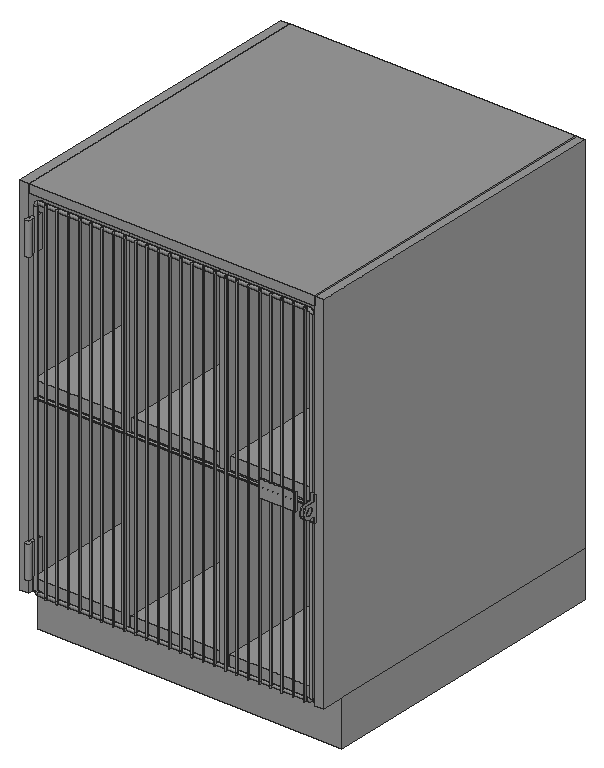
Revit family "TMI_M3091-Music_WireDoors1", category Casework, Revit 2016
Family settings
  OmniClass Number = 23.40.35.14.11
  OmniClass Title = Modular Casework
  Work Plane-Based = No
  Always vertical = Yes
  Cut with Voids When Loaded = No
  Shared = No
  Room Calculation Point = No
Parameters (values of type "27" x 36-5/8" x 29"")
  URL = "www.tmisystems.com"
  Toe Kick Height = 4"
  Toe Kick Depth = 2"
  Shelf Thickness = 1 1/8"
  Model = "M3091/M5091"
  Manufacturer = "TMI Systems Corporation"
  Interior Finish = none
  Individual Wire Grille Doors [instance] = not(Full Height Wire Grille Door)  # no
  Full Height Wire Grille Door [instance] = yes
  Filler Width (Hinge) [instance] = 3"
  Filler (Pull Side) [instance] = no
  Filler (Hinge Side) [instance] = no
  Filler Width (Pull) [instance] = 3"
  Description = "Clarinet, Flute, Oboe, Piccolo"
  Depth = 29"
  Height = Countertop Height - Countertop Thickness  # 36 5/8"
  Width = 27"
  Countertop Thickness = 1 1/4"
  Countertop Height = 37 7/8"
  Casework Thickness = 3/4"
  Casework Back Thickness = 1/2"
  Cabinet Finish = Plastic Laminate
  Assembly Code = ""
Types (2): name | Depth
  27" x 36-5/8" x 29" | 29"
  27" x 36-5/8" x 39" | 39"
Reference planes (in)
  plane 1 "Back": y = 5
  plane 2: z = 0
  plane 3 "Center (Left/Right)": x = 0.7377
  plane 4 "Left": x = -12.7623
  plane 5 "Right": x = 14.2377
  plane 6 "Front": y = -24
  plane 7 "Top": z = 36.625
  plane 8: y = 4.375
  plane 9: x = -12.0123
  plane 10: x = 13.4877
  plane 11: z = 35.875
  plane 12: y = 4.875
  plane 13: y = -22
  plane 14: z = 4
  plane 15: z = 5.125
  plane 16: x = -4.0123
  plane 17: x = -3.2623
  plane 18: z = 19.75
  plane 19: z = 20.875
  plane 20: y = -23.25
  plane 21: y = -23.625
  plane 22: y = -22.875
  plane 23: y = -21.25
  plane 24: y = -23.49894
  plane 25: z = 35.375
  plane 26: x = 4.7377
  plane 27: x = 5.4877
  plane 28: x = -3.6373
  plane 29: x = 5.1127
  plane 30: x = 13.8627
  plane 31: x = -12.3873
  plane 32: y = -23.60938
Forms (in)
  Extrusion 1, solid, material "Plastic Laminate" <- "Cabinet Finish"
    sketch origin (0, 0.21844, 0) x (1, 0, 0) y (0, 1, 0)
      loop
        line (-12.7623, 4.78156) -> (-12.7623, -24.21844) -> (-12.0123, -24.21844) -> (-12.0123, 4.78156) -> (-12.7623, 4.78156)
      loop
        line (13.4877, 4.78156) -> (13.4877, -24.21844) -> (14.2377, -24.21844) -> (14.2377, 4.78156) -> (13.4877, 4.78156)
    from 4 to 36.625
  Extrusion 2, solid, material "Plastic Laminate" <- "Cabinet Finish"
    sketch origin (0.05747, 11.94613, 0) x (1, 0, 0) y (0, 0, 1)
      loop
        line (-12.06976, 5.125) -> (-12.06976, 4) -> (13.43024, 4) -> (13.43024, 5.125) -> (-12.06976, 5.125)
    from 6.94613 to 35.5555
  Extrusion 3, solid, material "Plastic Laminate" <- "Cabinet Finish"
    sketch origin (0, 0.5, 0) x (1, 0, 0) y (0, 1, 0)
      loop
        line (-12.0123, 4.375) -> (-12.0123, 3.875) -> (13.4877, 3.875) -> (13.4877, 4.375) -> (-12.0123, 4.375)
    from 36.254 to 4.75431
  Extrusion 4, solid, material "Plastic Laminate" <- "Cabinet Finish", visible <- "Filler (Pull Side)"
    sketch origin (0, -24, 0) x (1, 0, 0) y (0, 0, 1)
      loop
        line (14.2377, 36.625) -> (14.2377, 4) -> (17.2377, 4) -> (17.2377, 36.625) -> (14.2377, 36.625)
    from -0.75 to 0
  Extrusion 5, solid, material "Plastic Laminate" <- "Cabinet Finish", visible <- "Filler (Hinge Side)"
    sketch origin (0, -24, 0) x (1, 0, 0) y (0, 0, 1)
      loop
        line (-15.7623, 36.625) -> (-15.7623, 4) -> (-12.7623, 4) -> (-12.7623, 36.625) -> (-15.7623, 36.625)
    from -0.75 to 0
  Extrusion 6, solid, material "Wood"
    sketch origin (0, 0, 0) x (1, 0, 0) y (0, 0, 1)
      loop
        line (14.2377, 4) -> (-12.7623, 4) -> (-12.7623, 0) -> (14.2377, 0) -> (14.2377, 4)
    from -5 to 22
  Extrusion 7, solid, material "Wood", visible <- "Filler (Pull Side)"
    sketch origin (0, 0, 0) x (1, 0, 0) y (0, 0, 1)
      loop
        line (17.2377, 4) -> (14.2377, 4) -> (14.2377, 0) -> (17.2377, 0) -> (17.2377, 4)
    from 21.25 to 22
  Extrusion 8, solid, material "Wood", visible <- "Filler (Hinge Side)"
    sketch origin (0, 0, 0) x (1, 0, 0) y (0, 0, 1)
      loop
        line (-12.7623, 4) -> (-15.7623, 4) -> (-15.7623, 0) -> (-12.7623, 0) -> (-12.7623, 4)
    from 21.25 to 22
  Extrusion 9, solid, material "Plastic Laminate" <- "Cabinet Finish"
    sketch origin (0, -24, 0) x (1, 0, 0) y (0, 0, 1)
      loop
        line (-12.0123, 36.625) -> (-12.0123, 35.875) -> (13.4877, 35.875) -> (13.4877, 36.625) -> (-12.0123, 36.625)
    from -29 to 0
  Extrusion 10, solid, material "Plastic Laminate" <- "Cabinet Finish"
    sketch origin (0, -24, 0) x (1, 0, 0) y (0, 0, 1)
      loop
        line (-12.0123, 20.875) -> (-12.0123, 19.75) -> (13.4877, 19.75) -> (13.4877, 20.875) -> (-12.0123, 20.875)
    from -28.375 to -0.50106
  Extrusion 11, solid, material "Plastic Laminate" <- "Cabinet Finish", visible <- "Individual Wire Grille Doors"
    sketch origin (-5, 5, 0) x (1, 0, 0) y (0, 0, 1)
      loop
        line (0.9877, 35.875) -> (0.9877, 4) -> (1.7377, 4) -> (1.7377, 35.875) -> (0.9877, 35.875)
    from 0.625 to 29
  Extrusion 12, solid, material "Plastic Laminate" <- "Cabinet Finish"
    sketch origin (15, 5, 0) x (1, 0, 0) y (0, 0, 1)
      loop
        line (-19.0123, 35.875) -> (-19.0123, 4) -> (-18.2623, 4) -> (-18.2623, 35.875) -> (-19.0123, 35.875)
    from 0.625 to 28.625
  Extrusion 13, solid, material "Plastic Laminate" <- "Cabinet Finish", visible <- "Individual Wire Grille Doors"
    sketch origin (5.75, 5, 0) x (1, 0, 0) y (0, 0, 1)
      loop
        line (-1.0123, 35.875) -> (-1.0123, 4) -> (-0.2623, 4) -> (-0.2623, 35.875) -> (-1.0123, 35.875)
    from 0.625 to 29
  Extrusion 14, solid, material "Plastic Laminate" <- "Cabinet Finish"
    sketch origin (44, 5, 0) x (1, 0, 0) y (0, 0, 1)
      loop
        line (-39.2623, 35.875) -> (-39.2623, 4) -> (-38.5123, 4) -> (-38.5123, 35.875) -> (-39.2623, 35.875)
    from 0.625 to 28.625
Lines and regions (in)
  Masking region 1
    outline origin (0, 0, 0) x (1, 0, 0) y (0, 1, 0)
      loop
        line (-12.7623, 5) -> (-12.7623, -24) -> (14.2377, -24) -> (14.2377, 5) -> (-12.7623, 5)
  Masking region 2, visible <- "Filler (Hinge Side)"
    outline origin (0, 0, 0) x (1, 0, 0) y (0, 1, 0)
      loop
        line (-15.7623, -23.25) -> (-15.7623, -24) -> (-12.7623, -24) -> (-12.7623, -23.25) -> (-15.7623, -23.25)
  Masking region 3, visible <- "Filler (Pull Side)"
    outline origin (0, 0, 0) x (1, 0, 0) y (0, 1, 0)
      loop
        line (14.2377, -23.25) -> (14.2377, -24) -> (17.2377, -24) -> (17.2377, -23.25) -> (14.2377, -23.25)
  symbolic lines, style "CaseworkHiddenLines"
    curve 1: line (0.8002, -24, 0) -> (0.6752, -24, 0)
    curve 2: line (-4.3248, -24, 4) -> (-4.1998, -24, 4)
    curve 7: line (5.0502, -24, 4) -> (5.1752, -24, 4)
  symbolic lines
    curve 3: line (-12.7623, 5, 35.875) -> (-12.7623, 5, 36.625)
    curve 4: line (-12.7623, 5, 5.125) -> (-12.7623, 4.875, 5.125)
    curve 5: line (-12.7623, 5, 4) -> (-12.7623, 5, 5.125)
    curve 6: line (-12.7623, 4.875, 35.875) -> (-12.7623, 5, 35.875)
Dimensions and locks (in)
  "Width": plane 4 "Left" to plane 5 "Right"
  equal spacing: plane 4 "Left", plane 3 "Center (Left/Right)", plane 5 "Right"
  "Casework Thickness": plane 4 "Left" to plane 9
  "Casework Thickness": plane 10 to plane 5 "Right"
  "Casework Thickness": plane 7 "Top" to plane 11
  "Filler Width (Pull)": plane 5 "Right" to Extrusion 4
  "Filler Width (Hinge)": Extrusion 5 to plane 4 "Left"
  "Depth": plane 6 "Front" to plane 1 "Back"
  "Casework Back Thickness": plane 12 to plane 8
  plane 12 to plane 1 "Back" = 1/8"
  locked: plane 11 to Extrusion 3 at 0.379
  locked: plane 15 to Extrusion 3 at 0.37069
  "Toe Kick Depth": plane 6 "Front" to plane 13
  "Casework Thickness": plane 17 to plane 16
  "Shelf Thickness": plane 19 to plane 18
  locked: plane 21 to plane 6 "Front" at 0.375
  plane 22 to plane 21 = 3/4"
  locked: plane 23 to plane 13 at 0.75
  locked: plane 6 "Front" to plane 20 at 0.75
  "Height": plane 7 "Top" to level
  "Toe Kick Height": plane 14 to level
  "Shelf Thickness": plane 15 to plane 14
  equal spacing: plane 7 "Top", plane 19, plane 15
  locked: plane 6 "Front" to plane 24 at 0.50106
  locked: plane 11 to plane 25 at 0.5
  "Casework Thickness": plane 27 to plane 26
  equal spacing: plane 4 "Left", plane 31, plane 9
  equal spacing: plane 10, plane 30, plane 5 "Right"
  equal spacing: plane 17, plane 28, plane 16
  equal spacing: plane 26, plane 29, plane 27
  locked: plane 21 to plane 32 at 0.01563
  equal spacing: plane 31, plane 28, plane 29, plane 30
  aligned and locked: plane 2 to level
  aligned and locked: Extrusion 1 sketch curve to plane 4 "Left"
  aligned and locked: Extrusion 1 sketch curve to plane 9
  aligned and locked: Extrusion 1 sketch curve to plane 10
  aligned and locked: Extrusion 1 sketch curve to plane 5 "Right"
  aligned and locked: Extrusion 1 to plane 1 "Back"  (x2)
  aligned and locked: Extrusion 3 sketch curve to plane 10
  aligned and locked: plane 9 to Extrusion 3 sketch curve
  aligned and locked: plane 7 "Top" to Extrusion 4 sketch curve
  aligned and locked: Extrusion 4 sketch curve to plane 5 "Right"
  aligned and locked: plane 7 "Top" to Extrusion 5 sketch curve
  aligned and locked: Extrusion 7 to Extrusion 6
  aligned and locked: Extrusion 8 to Extrusion 6
  aligned and locked: plane 14 to Extrusion 8
  aligned and locked: plane 14 to Extrusion 6
  aligned and locked: plane 14 to Extrusion 7
  aligned and locked: Extrusion 4 to plane 14
  aligned and locked: Extrusion 5 to plane 14
  aligned and locked: Extrusion 1 to plane 14
  aligned and locked: Extrusion 2 to plane 14
  aligned and locked: plane 15 to Extrusion 2
  aligned and locked: Extrusion 1 to Extrusion 2
  aligned and locked: Extrusion 6 to Extrusion 1
  aligned and locked: Masking region 1 sketch curve to plane 4 "Left"
  aligned and locked: plane 1 "Back" to Masking region 1 sketch curve
  aligned and locked: Masking region 1 sketch curve to plane 5 "Right"
  aligned and locked: Extrusion 1 to plane 7 "Top"
  aligned and locked: plane 1 "Back" to curve 5
  aligned and locked: curve 4 to plane 15
  aligned and locked: plane 1 "Back" to curve 3
  aligned and locked: curve 6 to Extrusion 3
  aligned and locked: Extrusion 7 to plane 13
  aligned and locked: plane 4 "Left" to Masking region 2 sketch curve
  aligned and locked: Masking region 3 sketch curve to plane 5 "Right"
  aligned and locked: plane 6 "Front" to Extrusion 1  (x2)
  aligned and locked: plane 6 "Front" to Masking region 1
  aligned and locked: plane 6 "Front" to Extrusion 4
  aligned and locked: plane 6 "Front" to Extrusion 5
  aligned and locked: plane 23 to Extrusion 7
  aligned and locked: plane 23 to Extrusion 8
  aligned and locked: plane 20 to Extrusion 4
  aligned and locked: plane 20 to Extrusion 5
  aligned and locked: plane 6 "Front" to Masking region 3
  aligned and locked: plane 6 "Front" to Masking region 2
  aligned and locked: Extrusion 4 to Extrusion 7
  aligned and locked: Masking region 3 to Extrusion 4
  aligned and locked: Extrusion 8 to Extrusion 5
  aligned and locked: Masking region 2 to Extrusion 5
  aligned and locked: plane 20 to Masking region 2
  aligned and locked: plane 20 to Masking region 3
  aligned and locked: Extrusion 5 to plane 20
  aligned and locked: Extrusion 3 to plane 8
  aligned and locked: plane 12 to Extrusion 3
  aligned and locked: Extrusion 9 sketch curve to plane 10
  aligned and locked: plane 9 to Extrusion 9 sketch curve
  aligned and locked: Extrusion 9 sketch curve to plane 11
  aligned and locked: plane 7 "Top" to Extrusion 9 sketch curve
  aligned and locked: Extrusion 9 to plane 1 "Back"
  aligned and locked: plane 6 "Front" to Extrusion 9
  aligned and locked: plane 19 to Extrusion 10 sketch curve
  aligned and locked: plane 18 to Extrusion 10 sketch curve
  aligned and locked: plane 9 to Extrusion 10 sketch curve
  aligned and locked: plane 10 to Extrusion 10 sketch curve
  aligned and locked: plane 8 to Extrusion 10
  aligned and locked: plane 24 to Extrusion 10
  aligned and locked: plane 14 to Extrusion 11 sketch curve
  aligned and locked: plane 11 to Extrusion 11 sketch curve
  aligned and locked: plane 17 to Extrusion 11 sketch curve
  aligned and locked: plane 16 to Extrusion 11 sketch curve
  aligned and locked: plane 8 to Extrusion 11
  aligned and locked: plane 6 "Front" to Extrusion 11
  aligned and locked: Extrusion 12 to plane 14
  aligned and locked: Extrusion 12 to plane 11
  aligned and locked: Extrusion 12 to plane 16
  aligned and locked: plane 8 to Extrusion 12
  aligned and locked: plane 21 to Extrusion 12
  aligned and locked: Extrusion 12 to plane 17
  aligned and locked: plane 27 to Extrusion 13 sketch curve
  aligned and locked: plane 26 to Extrusion 13 sketch curve
  aligned and locked: Extrusion 14 to plane 26  (x2)
  aligned and locked: Extrusion 14 to plane 27  (x2)
  aligned and locked: plane 32 to Extrusion 2
  aligned and locked: nested 5 to plane 6 "Front"
  aligned and locked: nested 4 to plane 6 "Front"
  aligned and locked: nested 3 to plane 6 "Front"
  aligned and locked: nested 1 to plane 6 "Front"
  aligned and locked: nested 7 to plane 6 "Front"
  aligned and locked: nested 6 to plane 6 "Front"
  aligned and locked: nested 2 to plane 6 "Front"
  aligned and locked: plane 25 to nested 5
  aligned and locked: plane 25 to nested 3
  aligned and locked: plane 25 to nested 7
  aligned and locked: nested 4 to plane 14
  aligned and locked: nested 1 to plane 14
  aligned and locked: nested 6 to plane 14
  aligned and locked: plane 9 to nested 4
  aligned and locked: plane 9 to nested 5
  aligned and locked: nested 1 to plane 17
  aligned and locked: nested 3 to plane 17
  aligned and locked: nested 6 to plane 27
  aligned and locked: nested 7 to plane 27
  aligned and locked: plane 25 to nested 2
  aligned and locked: plane 9 to nested 2
  aligned and locked: plane 6 "Front" to Extrusion 13
  aligned and locked: plane 21 to Extrusion 14
  aligned and locked: plane 8 to Extrusion 14
  aligned and locked: plane 8 to Extrusion 13
  aligned and locked: Extrusion 13 to plane 26
  aligned and locked: Extrusion 13 to plane 27
  aligned and locked: Extrusion 13 to plane 11  (x2)
  aligned and locked: Extrusion 14 to plane 11  (x2)
  aligned and locked: Extrusion 13 to plane 14
  aligned and locked: Extrusion 14 to plane 14
Automatic sketch dimensions
  curve 1 to level = 0"
  curve 2 to plane 14 = 0"
  curve 7 to plane 14 = 0"
  curve 1 to plane 3 "Center (Left/Right)" = 1/16"
  curve 2 to plane 3 "Center (Left/Right)" = 5 1/16"
  curve 2 to plane 3 "Center (Left/Right)" = 4 15/16"
  plane 3 "Center (Left/Right)" to curve 1 = 1/16"
  plane 26 to curve 7 = 5/16"
  curve 7 to curve 7 = 1/8"
  plane 6 "Front" to Extrusion 1 sketch curve = 0"  (x2)
  plane 1 "Back" to Extrusion 1 sketch curve = 0"  (x2)
  Extrusion 2 sketch curve to plane 9 = 0"
  plane 10 to Extrusion 2 sketch curve = 0"
  Extrusion 2 sketch curve to plane 14 = 0"
  Extrusion 2 sketch curve to plane 15 = 0"
  Extrusion 3 sketch curve to plane 8 = 0"
  Extrusion 3 sketch curve to plane 12 = 0"
  Extrusion 4 sketch curve to plane 14 = 0"
  Extrusion 4 sketch curve to plane 5 "Right" = 3"
  Extrusion 5 sketch curve to plane 14 = 0"
  plane 4 "Left" to Extrusion 5 sketch curve = 0"
  Extrusion 5 sketch curve to Extrusion 5 sketch curve = 3"
  curve 4 to plane 12 = 0"
  plane 11 to curve 6 = 0"
  plane 4 "Left" to Extrusion 6 sketch curve = 0"
  Extrusion 6 sketch curve to level = 0"
  plane 5 "Right" to Extrusion 6 sketch curve = 0"
  Extrusion 6 sketch curve to plane 14 = 0"
  plane 5 "Right" to Extrusion 7 sketch curve = 0"
  Extrusion 7 sketch curve to level = 0"
  Extrusion 7 sketch curve to plane 14 = 0"
  Extrusion 7 sketch curve to plane 5 "Right" = 3"
  Extrusion 8 sketch curve to plane 14 = 0"
  Extrusion 8 sketch curve to level = 0"
  plane 4 "Left" to Extrusion 8 sketch curve = 0"
  Extrusion 8 sketch curve to Extrusion 8 sketch curve = 3"
  plane 6 "Front" to Masking region 1 sketch curve = 0"
  plane 6 "Front" to Masking region 2 sketch curve = 0"
  Masking region 2 sketch curve to plane 20 = 0"
  plane 4 "Left" to Masking region 2 sketch curve = 3"
  plane 6 "Front" to Masking region 3 sketch curve = 0"
  Masking region 3 sketch curve to plane 20 = 0"
  Masking region 3 sketch curve to Masking region 3 sketch curve = 3"
  Extrusion 12 sketch curve to plane 14 = 0"
  Extrusion 12 sketch curve to plane 16 = 0"
  plane 17 to Extrusion 12 sketch curve = 0"
  Extrusion 12 sketch curve to plane 11 = 0"
  Extrusion 13 sketch curve to plane 14 = 0"
  Extrusion 13 sketch curve to plane 11 = 0"
  Extrusion 14 sketch curve to plane 14 = 0"
  Extrusion 14 sketch curve to plane 26 = 0"
  plane 27 to Extrusion 14 sketch curve = 0"
  Extrusion 14 sketch curve to plane 11 = 0"
  curve 5 to plane 14 = 0"
  plane 7 "Top" to curve 3 = 0"
Nested families (in)
  nested 1: "Individual Wire Grille Doors 27in Wide" at (0.73685, -23.76369, 4), visible <- "Individual Wire Grille Doors", type "Individual Wire Grille Doors 27in Wide"
    with Number of Verticle Bars 6, Bar Spacing 1"
  nested 2: "Full Height Wire Grille Door 27in Wide (Base)" at (0.73685, -23.76369, 4), visible <- "Full Height Wire Grille Door", type "Full Height Wire Grille Door 27in Wide (Base)"
    with Number of Verticle Bars 24, Bar Spacing 1"
  nested 3: "Individual Wire Grille Doors 27in Wide" at (0.73685, -23.76369, 19.75), visible <- "Individual Wire Grille Doors", type "Individual Wire Grille Doors 27in Wide"
    with Number of Verticle Bars 6, Bar Spacing 1"
  nested 4: "Individual Wire Grille Doors 27in Wide" at (-8.01315, -23.76369, 4), visible <- "Individual Wire Grille Doors", type "Individual Wire Grille Doors 27in Wide"
    with Number of Verticle Bars 6, Bar Spacing 1"
  nested 5: "Individual Wire Grille Doors 27in Wide" at (-8.01315, -23.76369, 19.75), visible <- "Individual Wire Grille Doors", type "Individual Wire Grille Doors 27in Wide"
    with Number of Verticle Bars 6, Bar Spacing 1"
  nested 6: "Individual Wire Grille Doors 27in Wide" at (9.48685, -23.76369, 4), visible <- "Individual Wire Grille Doors", type "Individual Wire Grille Doors 27in Wide"
    with Number of Verticle Bars 6, Bar Spacing 1"
  nested 7: "Individual Wire Grille Doors 27in Wide" at (9.48685, -23.76369, 19.75), visible <- "Individual Wire Grille Doors", type "Individual Wire Grille Doors 27in Wide"
    with Number of Verticle Bars 6, Bar Spacing 1"
Definition of nested family "Individual Wire Grille Doors 27in Wide"
  Parameters (values of type "Individual Wire Grille Doors 27in Wide")
    Width = 7"
    Pull height from Bottom of Casework = 33 13/16"
    Number of Verticle Bars [instance] = (Width / Bar Spacing) - 1  # 6
    Height = 15 5/8"
    Distance of Hinge from Edge of Casework = 2 13/16"
    Bar Spacing [instance] = 1"
  Reference planes (in)
    plane 1 "Center (Front/Back)": y = 0
    plane 2: z = 0
    plane 3 "Center (Left/Right)": x = 0
    plane 4: x = -3.62415
    plane 5: x = -3.37585
    plane 6: z = 15.625
    plane 7: z = 15.375
    plane 8: z = 15.5
    plane 9: x = -3.5
    plane 10: x = 3.63138
    plane 11: x = 3.36862
    plane 12: x = 3.5
    plane 13: z = 0.25
    plane 14: z = 0.125
    plane 15: y = -0.125
    plane 16: z = 7.8125
    plane 17: y = -0.17188
    plane 18: x = -2.5
    plane 19: y = 0.28516
    plane 20: x = 4.00638
    plane 21: y = -0.23631
    plane 22: z = 2.8125
    plane 23: z = 12.8125
    plane 24: z = 8.93853
    plane 25: z = 7.8125
  Forms (in)
    Sweep 1, solid
      path origin (0, 0, 0) x (1, 0, 0) y (0, 0, 1)
        loop
          arc (-3.25, 15.5) -> (-3.42678, 15.42678) -> (-3.5, 15.25) r 0.25
          line (-3.5, 15.25) -> (-3.5, 0.375)
          arc (-3.5, 0.375) -> (-3.42678, 0.19822) -> (-3.25, 0.125) r 0.25
          line (-3.25, 0.125) -> (3.25, 0.125)
          arc (3.25, 0.125) -> (3.42678, 0.19822) -> (3.5, 0.375) r 0.25
          line (3.5, 0.375) -> (3.5, 15.25)
          arc (3.5, 15.25) -> (3.42678, 15.42678) -> (3.25, 15.5) r 0.25
          line (3.25, 15.5) -> (-3.25, 15.5)
      profile "4 Circle : 4 Circle" origin (0, 0, 15.5) x (0, 0, 1) y (0, -1, 0)
        loop
          circle (0, 0) r 0.125
    Extrusion 2, solid
      sketch origin (0, 0, 0) x (0, 1, 0) y (0, 0, 1)
        loop
          circle (0, 7.8125) r 0.125
      from -3.5 to 3.5
    Extrusion 3, solid
      sketch origin (0.0625, 0, 0) x (1, 0, 0) y (0, 1, 0)
        loop
          circle (-2.5625, -0.17188) r 0.0625
      from 0 to 15.625
    Extrusion 4, solid
      sketch origin (1.0625, 0, 0) x (1, 0, 0) y (0, 1, 0)
        loop
          circle (-2.5625, -0.17188) r 0.0625
      from 0 to 15.625
    Extrusion 5, solid
      sketch origin (2.0625, 0, 0) x (1, 0, 0) y (0, 1, 0)
        loop
          circle (-2.5625, -0.17188) r 0.0625
      from 0 to 15.625
    Extrusion 6, solid
      sketch origin (3.0625, 0, 0) x (1, 0, 0) y (0, 1, 0)
        loop
          circle (-2.5625, -0.17188) r 0.0625
      from 0 to 15.625
    Extrusion 7, solid
      sketch origin (4.0625, 0, 0) x (1, 0, 0) y (0, 1, 0)
        loop
          circle (-2.5625, -0.17188) r 0.0625
      from 0 to 15.625
    Extrusion 8, solid
      sketch origin (5.0625, 0, 0) x (1, 0, 0) y (0, 1, 0)
        loop
          circle (-2.5625, -0.17188) r 0.0625
      from 0 to 15.625
    Extrusion 9, solid
      sketch origin (0, 0, 0) x (1, 0, 0) y (0, 0, 1)
        loop
          line (-0.80612, 8.5625) -> (-0.80612, 7.0625) -> (2.38138, 7.0625) -> (2.38138, 8.5625) -> (-0.80612, 8.5625)
      from 0.23631 to 0.33984
  Lines and regions (in)
    model lines
      curve 1: line (3.5, 0, 15.5) -> (-3.5, 0, 7.8125)
      curve 2: line (-3.5, 0, 7.8125) -> (3.5, 0, 0.125)
  Dimensions and locks (in)
    locked: plane 6 to plane 7 at 0.25
    equal spacing: plane 6, plane 8, plane 7
    equal spacing: plane 4, plane 9, plane 5
    locked: plane 4 to plane 5 at 0.24829
    equal spacing: plane 10, plane 12, plane 11
    plane 10 to plane 11 = 0.26276"
    equal spacing: plane 13, plane 14, plane 2
    locked: plane 13 to plane 2 at 0.25
    equal spacing: plane 12, plane 3 "Center (Left/Right)", plane 9
    locked: plane 15 to plane 1 "Center (Front/Back)" at 0.125
    "Width": plane 12 to plane 9
    "Height": plane 6 to plane 2
    plane 8 to plane 14 = 15 3/8"
    "Bar Spacing": plane 9 to plane 18
    locked: plane 15 to plane 17 at 0.04688
    plane 1 "Center (Front/Back)" to plane 19 = 73/256"
    locked: plane 10 to plane 20 at 0.375
    locked: plane 17 to plane 21 at 0.06444
    "Distance of Hinge from Edge of Casework": plane 6 to plane 23
    "Distance of Hinge from Edge of Casework": plane 22 to plane 2
    locked: plane 24 to plane 16 at 1.12603
    equal spacing: group 1, group 2, group 3, group 4, group 5, group 6  (x3)
    equal spacing: plane 6, plane 16, level
    locked: Extrusion 9 sketch curve to Extrusion 9 sketch curve at 3.1875
    locked: Extrusion 9 sketch curve to nested 1 at 1.25
    equal spacing: Extrusion 9 sketch curve, plane 25, Extrusion 9 sketch curve
    locked: Extrusion 9 sketch curve to Extrusion 9 sketch curve at 1.5
    aligned and locked: plane 12 to Sweep 1 sketch curve
    aligned and locked: Sweep 1 sketch curve to plane 8
    aligned and locked: plane 9 to Sweep 1 sketch curve
    aligned and locked: plane 14 to Sweep 1 sketch curve
    aligned and locked: nested 1 to plane 10
    aligned and locked: plane 19 to nested 1
    aligned and locked: plane 19 to nested 2
    aligned and locked: plane 10 to nested 1
    aligned and locked: nested 3 to plane 4
    aligned and locked: nested 3 to plane 21
    aligned and locked: nested 3 to plane 23
    aligned and locked: nested 4 to plane 4
    aligned and locked: nested 4 to plane 21
    aligned and locked: nested 4 to plane 22
    aligned and locked: Extrusion 2 to plane 9
    aligned and locked: Extrusion 2 to plane 12
    aligned and locked: Extrusion 3 to plane 2
    aligned and locked: plane 20 to nested 2
    aligned and locked: plane 17 to Extrusion 3
    aligned and locked: nested 2 to plane 24
    aligned and locked: nested 1 to plane 24
    aligned and locked: plane 6 to Extrusion 3
    aligned and locked: plane 16 to plane 25
    aligned and locked: plane 21 to Extrusion 9
    aligned and locked: nested 1 to Extrusion 9
  Automatic sketch dimensions
    plane 5 to Sweep 1 sketch curve = 0.12585"
    Sweep 1 sketch curve to Sweep 1 sketch curve = 1/4"  (x2)
    plane 11 to Sweep 1 sketch curve = 0.11862"
    Extrusion 2 sketch curve to plane 1 "Center (Front/Back)" = 0"
    Extrusion 2 sketch curve to plane 16 = 0"
    curve 2 to plane 9 = 0"
    plane 12 to curve 2 = 0"
    curve 1 to plane 8 = 0"
    plane 12 to curve 1 = 0"
    curve 2 to plane 14 = 0"
    curve 2 to plane 16 = 0"
    radius of Extrusion 2 sketch curve = 1/8"
    radius of Extrusion 3 sketch curve = 1/16"
    radius of Extrusion 4 sketch curve = 1/16"
    radius of Extrusion 5 sketch curve = 1/16"
    radius of Extrusion 6 sketch curve = 1/16"
    radius of Extrusion 7 sketch curve = 1/16"
    radius of Extrusion 8 sketch curve = 1/16"
  Nested families (in)
    nested 1: "Pad Lock" at (3.63138, -0.33984, 7.81353), type "Pad Lock"
    nested 2: "Pad Lock" at (3.94388, -0.33984, 7.81353), type "Pad Lock"
    nested 3: "5k hinge (music)" at (-3.8429, 0.76369, 11.40625) x (-1, 0, 0) z (0, 0, 1), type "5k hinge (music)"
      with Width 16"
    nested 4: "5k hinge (music)" at (-3.8429, 0.76369, 1.40625) x (-1, 0, 0) z (0, 0, 1), type "5k hinge (music)"
      with Width 16"
  Definition of nested family "Pad Lock"
    Reference planes (in)
      plane 1 "Center (Front/Back)": y = 0
      plane 2: z = 0
      plane 3 "Center (Left/Right)": x = 0
      plane 4: z = 1.125
      plane 5: z = -1.125
      plane 6: y = -1.125
      plane 7: y = 0.625
      plane 8: y = -0.5625
      plane 9: x = 0.0625
    Forms (in)
      Extrusion 1, solid
        sketch origin (0, 0.00036, 0.01611) x (0, 0, 1) y (0, -1, 0)
          loop
            line (0.98389, 0) -> (0.56967, 0) -> (0.56967, 0.56286)
            arc (0.56967, 0.56286) -> (0, 1.13253) -> (-0.56967, 0.56286) r 0.56967
            line (-0.56967, 0.56286) -> (-0.56967, 0) -> (-1.01611, 0)
            arc (-1.01611, 0) -> (-1.1045, -0.03661) -> (-1.14111, -0.125) r 0.125
            line (-1.14111, -0.125) -> (-1.14111, -0.62464) -> (1.10889, -0.62464) -> (1.10889, -0.125)
            arc (1.10889, -0.125) -> (1.07227, -0.03661) -> (0.98389, 0) r 0.125
          loop
            circle (0, 0.56286) r 0.375
        from 0 to 0.0625
    Dimensions and locks (in)
      locked: plane 4 to plane 5 at 2.25
      locked: plane 6 to plane 7 at 1.75
      locked: plane 9 to plane 3 "Center (Left/Right)" at 0.0625
      equal spacing: plane 1 "Center (Front/Back)", plane 8, plane 6
      locked: plane 7 to plane 1 "Center (Front/Back)" at 0.625
      equal spacing: plane 5, plane 2, plane 4
      aligned and locked: plane 2 to level
      aligned and locked: plane 9 to Extrusion 1
    Automatic sketch dimensions
      Extrusion 1 sketch curve to Extrusion 1 sketch curve = 0"  (x2)
      Extrusion 1 sketch curve to plane 5 = 0"
      Extrusion 1 sketch curve to plane 8 = 0"
      plane 4 to Extrusion 1 sketch curve = 0"
      Extrusion 1 sketch curve to plane 7 = 0"
      Extrusion 1 sketch curve to plane 1 "Center (Front/Back)" = 0.00036"
      plane 5 to Extrusion 1 sketch curve = 1/8"
      Extrusion 1 sketch curve to level = 0.55355"
      level to Extrusion 1 sketch curve = 0.01611"
      Extrusion 1 sketch curve to Extrusion 1 sketch curve = 1/8"
      Extrusion 1 sketch curve to plane 1 "Center (Front/Back)" = 0.12536"
      radius of Extrusion 1 sketch curve = 3/8"
  Definition of nested family "5k hinge (music)"
    Parameters (values of type "5k hinge (music)")
      door thickness = 1"
      Width [instance] = 16"
      Hinge Distance from Door = 9/16"
      5K hinge size = 2 13/16"
    Reference planes (in)
      plane 1 "Center (Front/Back)": y = 0
      plane 2: z = 0
      plane 3 "Center (Left/Right)": x = 0
      plane 4: x = -0.15625
      plane 5: y = -1
      plane 6: y = -0.5
      plane 7: y = -1.5625
      plane 8: y = -1.28125
      plane 9: x = 0.15625
      plane 10: z = 2.8125
      plane 11: z = 1.40625
      plane 12: x = -0.21875
    Forms (in)
      Extrusion 1, solid
        sketch origin (-8.15625, 0, 0) x (1, 0, 0) y (0, 1, 0)
          loop
            line (8.15625, -1) -> (8.15625, -1.04949)
            arc (8.15625, -1.04949) -> (7.85521, -1.421) -> (8.3125, -1.28125) r 0.25
            line (8.3125, -1.28125) -> (8.3125, 0) -> (8.15625, 0) -> (7.9375, 0) -> (7.9375, -1) -> (8.15625, -1)
        from 0 to 2.8125
    Dimensions and locks (in)
      equal spacing: plane 1 "Center (Front/Back)", plane 6, plane 5
      "Hinge Distance from Door": plane 5 to plane 7
      equal spacing: plane 5, plane 8, plane 7
      "5K hinge size": plane 10 to plane 2
      "door thickness": plane 1 "Center (Front/Back)" to plane 5
      equal spacing: plane 10, plane 11, plane 2
      equal spacing: plane 4, plane 3 "Center (Left/Right)", plane 9
      plane 4 to plane 9 = 5/16"
      plane 12 to plane 4 = 1/16"
      aligned and locked: plane 2 to level
      aligned and locked: plane 5 to Extrusion 1 sketch curve
      aligned and locked: Extrusion 1 to plane 10
      aligned and locked: plane 9 to Extrusion 1
      aligned and locked: Extrusion 1 to plane 2
      aligned and locked: plane 12 to Extrusion 1 sketch curve
    Automatic sketch dimensions
      Extrusion 1 sketch curve to plane 8 = 0"
      plane 1 "Center (Front/Back)" to Extrusion 1 sketch curve = 0"
      Extrusion 1 sketch curve to plane 9 = 0"
      plane 4 to Extrusion 1 sketch curve = 1/16"
      Extrusion 1 sketch curve to plane 3 "Center (Left/Right)" = 0"  (x2)
Definition of nested family "Full Height Wire Grille Door 27in Wide (Base)"
  Parameters (values of type "Full Height Wire Grille Door 27in Wide (Base)")
    Width = 24 1/2"
    Pull height from Bottom of Casework = 33 13/16"
    Number of Verticle Bars [instance] = (Width / Bar Spacing) - 1  # 24
    Height = 31 3/8"
    Distance of Hinge from Edge of Casework = 2 13/16"
    Bar Spacing [instance] = 1"
  Reference planes (in)
    plane 1 "Center (Front/Back)": y = 0
    plane 2: z = 0
    plane 3 "Center (Left/Right)": x = 0
    plane 4: x = -12.37415
    plane 5: x = -12.12585
    plane 6: z = 31.375
    plane 7: z = 31.125
    plane 8: z = 31.25
    plane 9: x = -12.25
    plane 10: x = 12.38138
    plane 11: x = 12.11862
    plane 12: x = 12.25
    plane 13: z = 0.25
    plane 14: z = 0.125
    plane 15: y = -0.125
    plane 16: z = 15.6875
    plane 17: y = -0.17188
    plane 18: y = 0.28516
    plane 19: x = 12.75638
    plane 20: y = -0.23631
    plane 21: z = 2.8125
    plane 22: z = 28.5625
    plane 23: z = 16.81353
    plane 24: x = -11.25
    plane 25: z = 15.6875
  Forms (in)
    Sweep 1, solid
      path origin (0, 0, 0) x (1, 0, 0) y (0, 0, 1)
        loop
          arc (-12, 31.25) -> (-12.17678, 31.17678) -> (-12.25, 31) r 0.25
          line (-12.25, 31) -> (-12.25, 0.375)
          arc (-12.25, 0.375) -> (-12.17678, 0.19822) -> (-12, 0.125) r 0.25
          line (-12, 0.125) -> (12, 0.125)
          arc (12, 0.125) -> (12.17678, 0.19822) -> (12.25, 0.375) r 0.25
          line (12.25, 0.375) -> (12.25, 31)
          arc (12.25, 31) -> (12.17678, 31.17678) -> (12, 31.25) r 0.25
          line (12, 31.25) -> (-12, 31.25)
      profile "4 Circle : 4 Circle" origin (0, 0, 31.25) x (0, 0, 1) y (0, -1, 0)
        loop
          circle (0, 0) r 0.125
    Extrusion 2, solid
      sketch origin (0, 0, 0) x (0, 1, 0) y (0, 0, 1)
        loop
          circle (0, 15.6875) r 0.125
      from -12.25 to 12.25
    Extrusion 3, solid
      sketch origin (0, 0, 0) x (1, 0, 0) y (0, 1, 0)
        loop
          circle (-11.25, -0.17188) r 0.06444
      from 0 to 31.375
    Extrusion 4, solid
      sketch origin (1, 0, 0) x (1, 0, 0) y (0, 1, 0)
        loop
          circle (-11.25, -0.17188) r 0.06444
      from 0 to 31.375
    Extrusion 5, solid
      sketch origin (2, 0, 0) x (1, 0, 0) y (0, 1, 0)
        loop
          circle (-11.25, -0.17188) r 0.06444
      from 0 to 31.375
    Extrusion 6, solid
      sketch origin (3, 0, 0) x (1, 0, 0) y (0, 1, 0)
        loop
          circle (-11.25, -0.17188) r 0.06444
      from 0 to 31.375
    Extrusion 7, solid
      sketch origin (4, 0, 0) x (1, 0, 0) y (0, 1, 0)
        loop
          circle (-11.25, -0.17188) r 0.06444
      from 0 to 31.375
    Extrusion 8, solid
      sketch origin (5, 0, 0) x (1, 0, 0) y (0, 1, 0)
        loop
          circle (-11.25, -0.17188) r 0.06444
      from 0 to 31.375
    Extrusion 9, solid
      sketch origin (6, 0, 0) x (1, 0, 0) y (0, 1, 0)
        loop
          circle (-11.25, -0.17188) r 0.06444
      from 0 to 31.375
    Extrusion 10, solid
      sketch origin (7, 0, 0) x (1, 0, 0) y (0, 1, 0)
        loop
          circle (-11.25, -0.17188) r 0.06444
      from 0 to 31.375
    Extrusion 11, solid
      sketch origin (8, 0, 0) x (1, 0, 0) y (0, 1, 0)
        loop
          circle (-11.25, -0.17188) r 0.06444
      from 0 to 31.375
    Extrusion 12, solid
      sketch origin (9, 0, 0) x (1, 0, 0) y (0, 1, 0)
        loop
          circle (-11.25, -0.17188) r 0.06444
      from 0 to 31.375
    Extrusion 13, solid
      sketch origin (10, 0, 0) x (1, 0, 0) y (0, 1, 0)
        loop
          circle (-11.25, -0.17188) r 0.06444
      from 0 to 31.375
    Extrusion 14, solid
      sketch origin (11, 0, 0) x (1, 0, 0) y (0, 1, 0)
        loop
          circle (-11.25, -0.17188) r 0.06444
      from 0 to 31.375
    Extrusion 15, solid
      sketch origin (12, 0, 0) x (1, 0, 0) y (0, 1, 0)
        loop
          circle (-11.25, -0.17188) r 0.06444
      from 0 to 31.375
    Extrusion 16, solid
      sketch origin (13, 0, 0) x (1, 0, 0) y (0, 1, 0)
        loop
          circle (-11.25, -0.17188) r 0.06444
      from 0 to 31.375
    Extrusion 17, solid
      sketch origin (14, 0, 0) x (1, 0, 0) y (0, 1, 0)
        loop
          circle (-11.25, -0.17188) r 0.06444
      from 0 to 31.375
    Extrusion 18, solid
      sketch origin (15, 0, 0) x (1, 0, 0) y (0, 1, 0)
        loop
          circle (-11.25, -0.17188) r 0.06444
      from 0 to 31.375
    Extrusion 19, solid
      sketch origin (16, 0, 0) x (1, 0, 0) y (0, 1, 0)
        loop
          circle (-11.25, -0.17188) r 0.06444
      from 0 to 31.375
    Extrusion 20, solid
      sketch origin (17, 0, 0) x (1, 0, 0) y (0, 1, 0)
        loop
          circle (-11.25, -0.17188) r 0.06444
      from 0 to 31.375
    Extrusion 21, solid
      sketch origin (18, 0, 0) x (1, 0, 0) y (0, 1, 0)
        loop
          circle (-11.25, -0.17188) r 0.06444
      from 0 to 31.375
    Extrusion 22, solid
      sketch origin (19, 0, 0) x (1, 0, 0) y (0, 1, 0)
        loop
          circle (-11.25, -0.17188) r 0.06444
      from 0 to 31.375
    Extrusion 23, solid
      sketch origin (20, 0, 0) x (1, 0, 0) y (0, 1, 0)
        loop
          circle (-11.25, -0.17188) r 0.06444
      from 0 to 31.375
    Extrusion 24, solid
      sketch origin (21, 0, 0) x (1, 0, 0) y (0, 1, 0)
        loop
          circle (-11.25, -0.17188) r 0.06444
      from 0 to 31.375
    Extrusion 25, solid
      sketch origin (22, 0, 0) x (1, 0, 0) y (0, 1, 0)
        loop
          circle (-11.25, -0.17188) r 0.06444
      from 0 to 31.375
    Extrusion 26, solid
      sketch origin (23, 0, 0) x (1, 0, 0) y (0, 1, 0)
        loop
          circle (-11.25, -0.17188) r 0.06444
      from 0 to 31.375
    Extrusion 27, solid
      sketch origin (0, 0, 0) x (1, 0, 0) y (0, 0, 1)
        loop
          line (7.94388, 16.4375) -> (7.94388, 14.9375) -> (11.13138, 14.9375) -> (11.13138, 16.4375) -> (7.94388, 16.4375)
      from 0.23631 to 0.33984
  Lines and regions (in)
    model lines
      curve 1: line (12.25, 0, 31.25) -> (-12.25, 0, 15.6875)
      curve 2: line (-12.25, 0, 15.6875) -> (12.25, 0, 0.125)
  Dimensions and locks (in)
    equal spacing: plane 4, plane 9, plane 5
    locked: plane 4 to plane 5 at 0.24829
    equal spacing: plane 10, plane 12, plane 11
    plane 10 to plane 11 = 0.26276"
    equal spacing: plane 13, plane 14, plane 2
    locked: plane 13 to plane 2 at 0.25
    equal spacing: plane 12, plane 3 "Center (Left/Right)", plane 9
    locked: plane 15 to plane 1 "Center (Front/Back)" at 0.125
    "Width": plane 12 to plane 9
    plane 8 to plane 14 = 31 1/8"
    locked: plane 15 to plane 17 at 0.04688
    plane 1 "Center (Front/Back)" to plane 18 = 73/256"
    locked: plane 10 to plane 19 at 0.375
    locked: plane 17 to plane 20 at 0.06444
    "Distance of Hinge from Edge of Casework": plane 21 to plane 2
    locked: plane 23 to plane 16 at 1.12603
    "Height": plane 6 to plane 2
    locked: plane 6 to plane 7 at 0.25
    plane 6 to plane 8 to plane 7 = 1/8", 1/8"
    locked: plane 9 to plane 24 at 1
    "Distance of Hinge from Edge of Casework": plane 6 to plane 22
    equal spacing: group 1, group 2, group 3, group 4, group 5, group 6, group 7, group 8, group 9, group 10, group 11, group 12, group 13, group 14, group 15, group 16, group 17, group 18, group 19, group 20, group 21, group 22, group 23, group 24  (x3)
    equal spacing: plane 8, plane 16, plane 14
    locked: Extrusion 27 sketch curve to Extrusion 27 sketch curve at 3.1875
    locked: Extrusion 27 sketch curve to Extrusion 27 sketch curve at 1.5
    equal spacing: Extrusion 27 sketch curve, plane 25, Extrusion 27 sketch curve
    locked: nested 1 to Extrusion 27 sketch curve at 1.25
    aligned and locked: Sweep 1 sketch curve to plane 12
    aligned and locked: plane 9 to Sweep 1 sketch curve
    aligned and locked: plane 14 to Sweep 1 sketch curve
    aligned and locked: nested 1 to plane 10
    aligned and locked: nested 1 to plane 18
    aligned and locked: nested 2 to plane 18
    aligned and locked: plane 10 to nested 1
    aligned and locked: nested 3 to plane 4
    aligned and locked: plane 20 to nested 3
    aligned and locked: nested 3 to plane 22
    aligned and locked: nested 4 to plane 4
    aligned and locked: plane 20 to nested 4
    aligned and locked: nested 4 to plane 21
    aligned and locked: Extrusion 2 to plane 9
    aligned and locked: Extrusion 2 to plane 12
    aligned and locked: plane 19 to nested 2
    aligned and locked: nested 2 to plane 23
    aligned and locked: nested 1 to plane 23
    aligned and locked: plane 2 to level
    aligned and locked: Extrusion 3 to plane 2
    aligned and locked: plane 6 to Extrusion 3
    aligned and locked: plane 16 to plane 25
    aligned and locked: plane 20 to Extrusion 27
    aligned and locked: nested 1 to Extrusion 27
  Automatic sketch dimensions
    Extrusion 2 sketch curve to plane 1 "Center (Front/Back)" = 0"
    Extrusion 2 sketch curve to plane 16 = 0"
    plane 5 to Sweep 1 sketch curve = 0.12585"  (x2)
    plane 11 to Sweep 1 sketch curve = 0.11862"  (x2)
    curve 2 to plane 9 = 0"
    plane 12 to curve 2 = 0"
    curve 1 to plane 8 = 0"
    curve 1 to plane 12 = 0"
    curve 2 to plane 14 = 0"
    curve 1 to plane 16 = 0"
    Sweep 1 sketch curve to plane 8 = 0"
    radius of Extrusion 2 sketch curve = 1/8"
    radius of Extrusion 3 sketch curve = 0.06444"
    radius of Extrusion 4 sketch curve = 0.06444"
    radius of Extrusion 5 sketch curve = 0.06444"
    radius of Extrusion 6 sketch curve = 0.06444"
    radius of Extrusion 7 sketch curve = 0.06444"
    radius of Extrusion 8 sketch curve = 0.06444"
    radius of Extrusion 9 sketch curve = 0.06444"
    radius of Extrusion 10 sketch curve = 0.06444"
    radius of Extrusion 11 sketch curve = 0.06444"
    radius of Extrusion 12 sketch curve = 0.06444"
    radius of Extrusion 13 sketch curve = 0.06444"
    radius of Extrusion 14 sketch curve = 0.06444"
    radius of Extrusion 15 sketch curve = 0.06444"
    radius of Extrusion 16 sketch curve = 0.06444"
    radius of Extrusion 17 sketch curve = 0.06444"
    radius of Extrusion 18 sketch curve = 0.06444"
    radius of Extrusion 19 sketch curve = 0.06444"
    radius of Extrusion 20 sketch curve = 0.06444"
    radius of Extrusion 21 sketch curve = 0.06444"
    radius of Extrusion 22 sketch curve = 0.06444"
    radius of Extrusion 23 sketch curve = 0.06444"
    radius of Extrusion 24 sketch curve = 0.06444"
    radius of Extrusion 25 sketch curve = 0.06444"
    radius of Extrusion 26 sketch curve = 0.06444"
  Nested families (in)
    nested 1: "Pad Lock" at (12.38138, -0.33984, 15.68853), type "Pad Lock"
    nested 2: "Pad Lock" at (12.69388, -0.33984, 15.68853), type "Pad Lock"
    nested 3: "5k hinge (music)" at (-12.5929, 0.76369, 27.15625) x (-1, 0, 0) z (0, 0, 1), type "5k hinge (music)"
      with Width 16"
    nested 4: "5k hinge (music)" at (-12.5929, 0.76369, 1.40625) x (-1, 0, 0) z (0, 0, 1), type "5k hinge (music)"
      with Width 16"
  Definition of nested family "Pad Lock"
    Reference planes (in)
      plane 1 "Center (Front/Back)": y = 0
      plane 2: z = 0
      plane 3 "Center (Left/Right)": x = 0
      plane 4: z = 1.125
      plane 5: z = -1.125
      plane 6: y = -1.125
      plane 7: y = 0.625
      plane 8: y = -0.5625
      plane 9: x = 0.0625
    Forms (in)
      Extrusion 1, solid
        sketch origin (0, 0.00036, 0.01611) x (0, 0, 1) y (0, -1, 0)
          loop
            line (0.98389, 0) -> (0.56967, 0) -> (0.56967, 0.56286)
            arc (0.56967, 0.56286) -> (0, 1.13253) -> (-0.56967, 0.56286) r 0.56967
            line (-0.56967, 0.56286) -> (-0.56967, 0) -> (-1.01611, 0)
            arc (-1.01611, 0) -> (-1.1045, -0.03661) -> (-1.14111, -0.125) r 0.125
            line (-1.14111, -0.125) -> (-1.14111, -0.62464) -> (1.10889, -0.62464) -> (1.10889, -0.125)
            arc (1.10889, -0.125) -> (1.07227, -0.03661) -> (0.98389, 0) r 0.125
          loop
            circle (0, 0.56286) r 0.375
        from 0 to 0.0625
    Dimensions and locks (in)
      locked: plane 4 to plane 5 at 2.25
      locked: plane 6 to plane 7 at 1.75
      locked: plane 9 to plane 3 "Center (Left/Right)" at 0.0625
      equal spacing: plane 1 "Center (Front/Back)", plane 8, plane 6
      locked: plane 7 to plane 1 "Center (Front/Back)" at 0.625
      equal spacing: plane 5, plane 2, plane 4
      aligned and locked: plane 2 to level
      aligned and locked: plane 9 to Extrusion 1
    Automatic sketch dimensions
      Extrusion 1 sketch curve to Extrusion 1 sketch curve = 0"  (x2)
      Extrusion 1 sketch curve to plane 5 = 0"
      Extrusion 1 sketch curve to plane 8 = 0"
      plane 4 to Extrusion 1 sketch curve = 0"
      Extrusion 1 sketch curve to plane 7 = 0"
      Extrusion 1 sketch curve to plane 1 "Center (Front/Back)" = 0.00036"
      plane 5 to Extrusion 1 sketch curve = 1/8"
      Extrusion 1 sketch curve to level = 0.55355"
      level to Extrusion 1 sketch curve = 0.01611"
      Extrusion 1 sketch curve to Extrusion 1 sketch curve = 1/8"
      Extrusion 1 sketch curve to plane 1 "Center (Front/Back)" = 0.12536"
      radius of Extrusion 1 sketch curve = 3/8"
  Definition of nested family "5k hinge (music)"
    Parameters (values of type "5k hinge (music)")
      door thickness = 1"
      Width [instance] = 16"
      Hinge Distance from Door = 9/16"
      5K hinge size = 2 13/16"
    Reference planes (in)
      plane 1 "Center (Front/Back)": y = 0
      plane 2: z = 0
      plane 3 "Center (Left/Right)": x = 0
      plane 4: x = -0.15625
      plane 5: y = -1
      plane 6: y = -0.5
      plane 7: y = -1.5625
      plane 8: y = -1.28125
      plane 9: x = 0.15625
      plane 10: z = 2.8125
      plane 11: z = 1.40625
      plane 12: x = -0.21875
    Forms (in)
      Extrusion 1, solid
        sketch origin (-8.15625, 0, 0) x (1, 0, 0) y (0, 1, 0)
          loop
            line (8.15625, -1) -> (8.15625, -1.04949)
            arc (8.15625, -1.04949) -> (7.85521, -1.421) -> (8.3125, -1.28125) r 0.25
            line (8.3125, -1.28125) -> (8.3125, 0) -> (8.15625, 0) -> (7.9375, 0) -> (7.9375, -1) -> (8.15625, -1)
        from 0 to 2.8125
    Dimensions and locks (in)
      equal spacing: plane 1 "Center (Front/Back)", plane 6, plane 5
      "Hinge Distance from Door": plane 5 to plane 7
      equal spacing: plane 5, plane 8, plane 7
      "5K hinge size": plane 10 to plane 2
      "door thickness": plane 1 "Center (Front/Back)" to plane 5
      equal spacing: plane 10, plane 11, plane 2
      equal spacing: plane 4, plane 3 "Center (Left/Right)", plane 9
      plane 4 to plane 9 = 5/16"
      plane 12 to plane 4 = 1/16"
      aligned and locked: plane 2 to level
      aligned and locked: plane 5 to Extrusion 1 sketch curve
      aligned and locked: Extrusion 1 to plane 10
      aligned and locked: plane 9 to Extrusion 1
      aligned and locked: Extrusion 1 to plane 2
      aligned and locked: plane 12 to Extrusion 1 sketch curve
    Automatic sketch dimensions
      Extrusion 1 sketch curve to plane 8 = 0"
      plane 1 "Center (Front/Back)" to Extrusion 1 sketch curve = 0"
      Extrusion 1 sketch curve to plane 9 = 0"
      plane 4 to Extrusion 1 sketch curve = 1/16"
      Extrusion 1 sketch curve to plane 3 "Center (Left/Right)" = 0"  (x2)
